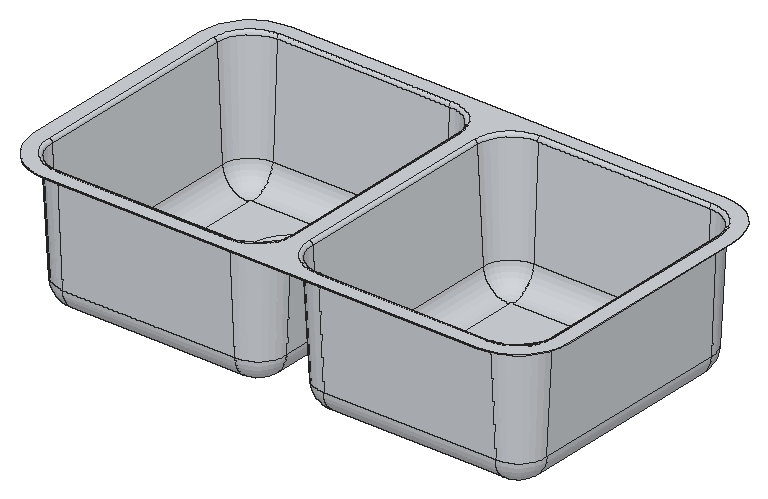
Revit family "Sink_Kitchen_Abey_Builders_DoubleBowl_R50_FaceBased", category Plumbing Fixtures, host Face, Revit 2022
Family settings
  Host = Face
  Round Connector Dimension = Use Diameter
  Part Type = Normal
  OmniClass Number = 23.31.13.00
  OmniClass Title = Sinks
  Cut with Voids When Loaded = Yes
  Maintain Annotation Orientation = No
  Shared = No
  Room Calculation Point = No
Parameters (values of type "RFA200")
  Waste Connection = yes
  VoidHeightCalc [instance] = if(AboveMount, -40 mm, ManufacturerOverallHeight)  # -40 mm
  Vent Connection = no
  Uniclass2015Version = "Products v1.38"
  Uniclass2015Title = "Kitchen sinks"
  Uniclass2015Code = "Pr_40_20_96_45"
  UnderMount [instance] = no
  URL = "https://www.abey.com.au/"
  Type Comments = "Sink - Kitchen - Double Bowl - R50 - Double Bowl Stainless Steel"
  PopOutMaterial = Metal_Abey_StainlessSteel
  ModifiedIssue = 20251103
  Model = "RFA200"
  BodyMaterial = Metal_Abey_StainlessSteel
  ManufacturerURLProductSpecific = "https://www.abeyspecifier.com.au/product/r50-double-bowl-sink/"
  ManufacturerSpecCode = Model  # "RFA200"
  ManufacturerOverallWidth = 794 mm  # constant formula
  ManufacturerOverallHeight = 200 mm  # constant formula
  ManufacturerOverallDepth = 457 mm  # constant formula
  Manufacturer = "Abey"
  Keynote = ""
  IfcExportType = "SINK"
  IfcExportAs = "IfcSanitaryTerminal"
  HW Connection = no
  FlushMount [instance] = no
  Description = "Abey R50 Double Bowl Sink"
  Default Elevation = 900 mm
  CreatedByURL = "https://igsgroup.com.au"
  CreatedBy = "IGS BIM Solutions"  # constant formula
  Cost = 0
  CW Connection = no
  BasinElevationCalc [instance] = if(UnderMount, 41 mm, if(FlushMount, 1 mm, 0 mm))  # 0 mm
  Assembly Code = "D2010410"
  AboveMount [instance] = yes
Reference planes
  plane 1 "DrainCenter (Front/Back)": y = -43
  plane 2 "WallFace": z = 0
  plane 3 "Center (Left/Right)": x = 18.07
  plane 4 "Front": y = -346.5
  plane 5 "Back": y = 110.5
  plane 6 "Left": x = -378.93
  plane 7 "Right": x = 415.07
  plane 8 "Top": z = 1
  plane 9 "Bottom": z = -199
  plane 10 "LipBottom": z = 0
Forms (mm)
  Extrusion 1, void
    sketch origin (-129.63, -1678.5, 0) x (0, -1, 0) y (1, 0, 0)
      loop
        arc (-1714, 529.7) -> (-1756.426, 512.126) -> (-1774, 469.7) r 60
        line (-1774, 469.7) -> (-1774, -174.3)
        arc (-1774, -174.3) -> (-1756.426, -216.726) -> (-1714, -234.3) r 60
        line (-1714, -234.3) -> (-1407, -234.3)
        arc (-1407, -234.3) -> (-1364.574, -216.726) -> (-1347, -174.3) r 60
        line (-1347, -174.3) -> (-1347, 469.7)
        arc (-1347, 469.7) -> (-1364.574, 512.126) -> (-1407, 529.7) r 60
        line (-1407, 529.7) -> (-1714, 529.7)
    from 0 to -199
  Extrusion 2, void
    sketch origin (-129.63, -1678.5, 1) x (0, -1, 0) y (-1, 0, 0)
      loop
        arc (-1714, 249.3) -> (-1767.033, 227.333) -> (-1789, 174.3) r 75
        line (-1789, 174.3) -> (-1789, -469.7)
        arc (-1789, -469.7) -> (-1767.033, -522.733) -> (-1714, -544.7) r 75
        line (-1714, -544.7) -> (-1407, -544.7)
        arc (-1407, -544.7) -> (-1353.967, -522.733) -> (-1332, -469.7) r 75
        line (-1332, -469.7) -> (-1332, 174.3)
        arc (-1332, 174.3) -> (-1353.967, 227.333) -> (-1407, 249.3) r 75
        line (-1407, 249.3) -> (-1714, 249.3)
    from 0 to -40 <- "VoidHeightCalc"
  Extrusion 3, void
    sketch origin (-129.63, -1678.5, 1) x (0, -1, 0) y (1, 0, 0)
      loop
        line (-1769, 469.7) -> (-1769, -174.3)
        arc (-1769, -174.3) -> (-1752.891, -213.191) -> (-1714, -229.3) r 55
        line (-1714, -229.3) -> (-1407, -229.3)
        arc (-1407, -229.3) -> (-1368.109, -213.191) -> (-1352, -174.3) r 55
        line (-1352, -174.3) -> (-1352, 469.7)
        arc (-1352, 469.7) -> (-1368.109, 508.591) -> (-1407, 524.7) r 55
        line (-1407, 524.7) -> (-1714, 524.7)
        arc (-1714, 524.7) -> (-1752.891, 508.591) -> (-1769, 469.7) r 55
    from 0 to 40
Text (mm)
  text "Disclaimer:\nDue to ongoing product development and manufacturing evolution, product details are subject to change without notice. Please refer to product technical data sheets on the manufacturers website for the most current product information. Please allow a +/- 5mm manufacturing tolerance for dimensions and set-outs shown in product literature." at (479.514, 74.225, 0), in view "Ref. Level"
Dimensions and locks
  "ManufacturerOverallWidth": plane 6 "Left" to plane 7 "Right"
  "ManufacturerOverallDepth": plane 4 "Front" to plane 5 "Back"
  equal spacing: plane 6 "Left", plane 3 "Center (Left/Right)", plane 7 "Right"
  locked: plane 1 "DrainCenter (Front/Back)" to plane 5 "Back" at 153.5
  "ManufacturerOverallHeight": plane 8 "Top" to plane 9 "Bottom"
  locked: plane 8 "Top" to plane 10 "LipBottom" at 1
  "BasinElevationCalc": plane 2 "WallFace" to plane 10 "LipBottom"
  aligned and locked: plane 2 "WallFace" to host face
  aligned and locked: plane 3 "Center (Left/Right)" to nested 1
  aligned and locked: nested 1 to plane 9 "Bottom"
Automatic sketch dimensions
  host sketch curve to host sketch curve = 830.301 mm
  host sketch curve to host sketch curve = 527.459 mm
  plane 5 "Back" to Extrusion 3 sketch curve = 20 mm
  Extrusion 3 sketch curve to plane 6 "Left" = 20 mm
  plane 5 "Back" to Extrusion 3 sketch curve = 75 mm
  Extrusion 3 sketch curve to Extrusion 3 sketch curve = 55 mm
  plane 4 "Front" to Extrusion 3 sketch curve = 75 mm  (x2)
  plane 4 "Front" to Extrusion 3 sketch curve = 20 mm
  Extrusion 3 sketch curve to plane 7 "Right" = 75 mm
  plane 5 "Back" to Extrusion 2 sketch curve = 0 mm
  Extrusion 2 sketch curve to plane 6 "Left" = 0 mm
  Extrusion 2 sketch curve to plane 7 "Right" = 0 mm
  Extrusion 2 sketch curve to plane 4 "Front" = 0 mm
  plane 5 "Back" to Extrusion 2 sketch curve = 75 mm  (x2)
  plane 4 "Front" to Extrusion 2 sketch curve = 75 mm
  Extrusion 2 sketch curve to Extrusion 2 sketch curve = 75 mm
  plane 5 "Back" to Extrusion 1 sketch curve = 15 mm
  Extrusion 1 sketch curve to Extrusion 1 sketch curve = 60 mm  (x2)
  Extrusion 1 sketch curve to plane 7 "Right" = 15 mm
  plane 4 "Front" to Extrusion 1 sketch curve = 75 mm  (x2)
  plane 4 "Front" to Extrusion 1 sketch curve = 15 mm
  Extrusion 1 sketch curve to plane 6 "Left" = 75 mm
Nested families
  nested 1: "z_Sink_Kitchen_Abey_Builders_DoubleBowl_R50" at (-64.63, -154.5, 0), UnderMount <- "UnderMount", FlushMount <- "FlushMount", AboveMount <- "AboveMount", type "Type 1"
    with VoidHeightCalc -40 mm, UnderMount no, FlushMount no, BasinElevationCalc 0 mm, AboveMount yes
Connectors
  piping at (-180.43, -43, -280), diameter 50, driven by "Waste Connection"
    settings: on nested 1, index 2, connector inside diameter 24", connector length 0 mm, flow factor 0, pipe flow 0.00 L/s, pressure drop 0 kPa, fitting loss kfactor 0, connector angle 0.00°, fixture units 0, engagement length 0 mm, angle of deflection 0.00°, flow configuration 2, flow direction 2, fitting loss method 4, system type 16, joint type 0, gender type 0, connector reference index -1, connector utility 1, adjustable connector no, is connector primary yes, connector description "Waste Outlet"
  piping at (216.57, -43, -280), diameter 50, driven by "Waste Connection"
    settings: on nested 1, index 3, connector inside diameter 24", connector length 0 mm, flow factor 0, pipe flow 0.00 L/s, pressure drop 0 kPa, fitting loss kfactor 0, connector angle 0.00°, fixture units 0, engagement length 0 mm, angle of deflection 0.00°, flow configuration 2, flow direction 2, fitting loss method 4, system type 16, joint type 0, gender type 0, connector reference index -1, connector utility 1, adjustable connector no, is connector primary no, connector description "Waste Outlet"
Definition of nested family "z_Sink_Kitchen_Abey_Builders_DoubleBowl_R50"
  Parameters (values of type "Type 1")
    Waste Connection = yes
    VoidHeightCalc [instance] = if(AboveMount, -40 mm, ManufacturerOverallHeight)  # -40 mm
    Vent Connection = no
    UnderMount [instance] = no
    URL = "https://www.abey.com.au/"
    Type Comments = ""
    PopOutMaterial = none
    Model = ""
    Default Elevation = 0 mm
    BasinElevationCalc [instance] = if(UnderMount, 41 mm, if(FlushMount, 1 mm, 0 mm))  # 0 mm
    FlushMount [instance] = no
    BodyMaterial = none
    ManufacturerOverallWidth = 794 mm  # constant formula
    ManufacturerOverallHeight = 200 mm  # constant formula
    ManufacturerOverallDepth = 457 mm  # constant formula
    Manufacturer = "Abey"
    HW Connection = no
    Description = ""
    CreatedByURL = "https://igsgroup.com.au"
    CreatedBy = "IGS BIM Solutions"  # constant formula
    CW Connection = no
    Assembly Code = "D2010410"
    AboveMount [instance] = yes
  Reference planes
    plane 1 "Ref. Level": z = 0
    plane 2 "Left": x = -314.3
    plane 3 "Right": x = 479.7
    plane 4 "Back": y = 265
    plane 5 "Front": y = -192
    plane 6 "Bottom": z = -199
    plane 7 "Top": z = 1
    plane 8 "MountingHeight": z = 0
    plane 9 "SinkCenter (Left/Right)": x = 82.7
    plane 10 "DrainCenter (Front/Back)": y = 111.5
  Forms (mm)
    Extrusion 1, solid, material <- "BodyMaterial"
      sketch origin (-65, -1524, 1) x (0, -1, 0) y (-1, 0, 0)
        loop
          line (-1789, 174.3) -> (-1789, -469.7)
          arc (-1789, -469.7) -> (-1767.033, -522.733) -> (-1714, -544.7) r 75
          line (-1714, -544.7) -> (-1407, -544.7)
          arc (-1407, -544.7) -> (-1353.967, -522.733) -> (-1332, -469.7) r 75
          line (-1332, -469.7) -> (-1332, 174.3)
          arc (-1332, 174.3) -> (-1353.967, 227.333) -> (-1407, 249.3) r 75
          line (-1407, 249.3) -> (-1714, 249.3)
          arc (-1714, 249.3) -> (-1767.033, 227.333) -> (-1789, 174.3) r 75
        loop
          arc (-1346.52, 173.545) -> (-1364.455, 216.845) -> (-1407.755, 234.78) r 61.235
          line (-1407.755, 234.78) -> (-1713.245, 234.78)
          arc (-1713.245, 234.78) -> (-1756.545, 216.845) -> (-1774.48, 173.545) r 61.235
          line (-1774.48, 173.545) -> (-1774.48, -81.945)
          arc (-1774.48, -81.945) -> (-1756.545, -125.245) -> (-1713.245, -143.18) r 61.235
          line (-1713.245, -143.18) -> (-1407.755, -143.18)
          arc (-1407.755, -143.18) -> (-1364.455, -125.245) -> (-1346.52, -81.945) r 61.235
          line (-1346.52, -81.945) -> (-1346.52, 173.545)
        loop
          arc (-1771.245, -468.945) -> (-1754.257, -509.957) -> (-1713.245, -526.945) r 58
          line (-1713.245, -526.945) -> (-1407.755, -526.945)
          arc (-1407.755, -526.945) -> (-1366.743, -509.957) -> (-1349.755, -468.945) r 58
          line (-1349.755, -468.945) -> (-1349.755, -213.455)
          arc (-1349.755, -213.455) -> (-1366.743, -172.443) -> (-1407.755, -155.455) r 58
          line (-1407.755, -155.455) -> (-1713.245, -155.455)
          arc (-1713.245, -155.455) -> (-1754.257, -172.443) -> (-1771.245, -213.455) r 58
          line (-1771.245, -213.455) -> (-1771.245, -468.945)
      from 0 to 1
    Sweep 2, solid, material <- "BodyMaterial"
      path origin (0, 0, -199) x (0, -1, 0) y (1, 0, 0)
        loop
          arc (116.245, -293.545) -> (155.136, -277.436) -> (171.245, -238.545) r 55
          line (171.245, -238.545) -> (171.245, 16.945)
          arc (171.245, 16.945) -> (155.136, 55.836) -> (116.245, 71.945) r 55
          line (116.245, 71.945) -> (-189.245, 71.945)
          arc (-189.245, 71.945) -> (-228.136, 55.836) -> (-244.245, 16.945) r 55
          line (-244.245, 16.945) -> (-244.245, -238.545)
          arc (-244.245, -238.545) -> (-228.136, -277.436) -> (-189.245, -293.545) r 55
          line (-189.245, -293.545) -> (116.245, -293.545)
      profile origin (-293.545, 36.5, -199) x (-1, 0, 0) y (0, 0, 1)
        loop
          line (-4.993, 195.262) -> (-13.339, 36.011)
          arc (-13.339, 36.011) -> (-25.13, 10.436) -> (-51.287, 0) r 38
          line (-51.287, 0) -> (-53, 0) -> (-53, -1) -> (-51.287, -1)
          arc (-51.287, -1) -> (-24.441, 9.71) -> (-12.34, 35.959) r 39
          line (-12.34, 35.959) -> (-3.995, 195.209)
          arc (-3.995, 195.209) -> (-2.753, 197.901) -> (0, 199) r 4
          line (0, 199) -> (6.235, 199) -> (6.235, 200) -> (0, 200)
          arc (0, 200) -> (-3.442, 198.627) -> (-4.993, 195.262) r 5
    Extrusion 3, solid, material <- "BodyMaterial"
      sketch origin (0, 0, -199) x (0, -1, 0) y (1, 0, 0)
        loop
          arc (-191.245, -238.545) -> (-190.659, -239.959) -> (-189.245, -240.545) r 2
          line (-189.245, -240.545) -> (116.245, -240.545)
          arc (116.245, -240.545) -> (117.659, -239.959) -> (118.245, -238.545) r 2
          line (118.245, -238.545) -> (118.245, 16.945)
          arc (118.245, 16.945) -> (117.659, 18.359) -> (116.245, 18.945) r 2
          line (116.245, 18.945) -> (-189.245, 18.945)
          arc (-189.245, 18.945) -> (-190.659, 18.359) -> (-191.245, 16.945) r 2
          line (-191.245, 16.945) -> (-191.245, -238.545)
        loop
          circle (-111.5, -115.8) r 61.25
      from 0 to -1
    Revolve 4, solid, material <- "BodyMaterial"
      sketch origin (0, 111.5, 0) x (1, 0, 0) y (0, 0, 1)
        loop
          line (-160.8, -208.059) -> (-172.754, -205.518) -> (-177.05, -199) -> (-178.248, -199) -> (-173.364, -206.411) -> (-160.8, -209.082) -> (-160.8, -208.059)
        axis (-115.8, -199) -> (-115.8, -209.082)
      angle from 0 to 360
    Revolve 5, solid, material <- "BodyMaterial"
      sketch origin (336, 111.5, 0) x (1, 0, 0) y (0, 0, 1)
        loop
          line (-99.8, -208.059) -> (-111.754, -205.518) -> (-116.05, -199) -> (-117.248, -199) -> (-112.364, -206.411) -> (-99.8, -209.082) -> (-99.8, -208.059)
        axis (-54.8, -199) -> (-54.8, -209.082)
      angle from 0 to 360
    Sweep 6, solid, material <- "BodyMaterial"
      path origin (165.4, 0, -199) x (0, 1, 0) y (-1, 0, 0)
        loop
          line (-116.245, -293.545) -> (189.245, -293.545)
          arc (189.245, -293.545) -> (228.136, -277.436) -> (244.245, -238.545) r 55
          line (244.245, -238.545) -> (244.245, 16.945)
          arc (244.245, 16.945) -> (228.136, 55.836) -> (189.245, 71.945) r 55
          line (189.245, 71.945) -> (-116.245, 71.945)
          arc (-116.245, 71.945) -> (-155.136, 55.836) -> (-171.245, 16.945) r 55
          line (-171.245, 16.945) -> (-171.245, -238.545)
          arc (-171.245, -238.545) -> (-155.136, -277.436) -> (-116.245, -293.545) r 55
      profile origin (458.945, 36.5, -199) x (-1, 0, 0) y (0, 0, 1)
        loop
          arc (4.993, 195.262) -> (3.442, 198.627) -> (0, 200) r 5
          line (0, 200) -> (-6.235, 200) -> (-6.235, 199) -> (0, 199)
          arc (0, 199) -> (2.753, 197.901) -> (3.995, 195.209) r 4
          line (3.995, 195.209) -> (12.34, 35.959)
          arc (12.34, 35.959) -> (24.441, 9.71) -> (51.287, -1) r 39
          line (51.287, -1) -> (53, -1) -> (53, 0) -> (51.287, 0)
          arc (51.287, 0) -> (25.13, 10.436) -> (13.339, 36.011) r 38
          line (13.339, 36.011) -> (4.993, 195.262)
    Extrusion 7, solid, material <- "BodyMaterial"
      sketch origin (165.4, 0, -199) x (0, 1, 0) y (-1, 0, 0)
        loop
          line (191.245, -238.545) -> (191.245, 16.945)
          arc (191.245, 16.945) -> (190.659, 18.359) -> (189.245, 18.945) r 2
          line (189.245, 18.945) -> (-116.245, 18.945)
          arc (-116.245, 18.945) -> (-117.659, 18.359) -> (-118.245, 16.945) r 2
          line (-118.245, 16.945) -> (-118.245, -238.545)
          arc (-118.245, -238.545) -> (-117.659, -239.959) -> (-116.245, -240.545) r 2
          line (-116.245, -240.545) -> (189.245, -240.545)
          arc (189.245, -240.545) -> (190.659, -239.959) -> (191.245, -238.545) r 2
        loop
          circle (111.5, -115.8) r 61.25
      from 0 to -1
  Cuts and joins
    joined: Extrusion 1, Sweep 2, Extrusion 3, Revolve 4, Revolve 5, Sweep 6, Extrusion 7
  Lines and regions (mm)
    Masking region 1, visible <- "AboveMount"
      outline origin (0, 0, 1) x (0, -1, 0) y (1, 0, 0)
        loop
          arc (-265, -239.3) -> (-243.033, -292.333) -> (-190, -314.3) r 75
          line (-190, -314.3) -> (117, -314.3)
          arc (117, -314.3) -> (170.033, -292.333) -> (192, -239.3) r 75
          line (192, -239.3) -> (192, 404.7)
          arc (192, 404.7) -> (170.033, 457.733) -> (117, 479.7) r 75
          line (117, 479.7) -> (-190, 479.7)
          arc (-190, 479.7) -> (-243.033, 457.733) -> (-265, 404.7) r 75
          line (-265, 404.7) -> (-265, -239.3)
    Masking region 2, visible <- "UnderMount"
      outline origin (0, 0, 1) x (0, -1, 0) y (1, 0, 0)
        loop
          arc (-245, -239.3) -> (-228.891, -278.191) -> (-190, -294.3) r 55
          line (-190, -294.3) -> (117, -294.3)
          arc (117, -294.3) -> (155.891, -278.191) -> (172, -239.3) r 55
          line (172, -239.3) -> (172, 404.7)
          arc (172, 404.7) -> (155.891, 443.591) -> (117, 459.7) r 55
          line (117, 459.7) -> (-190, 459.7)
          arc (-190, 459.7) -> (-228.891, 443.591) -> (-245, 404.7) r 55
          line (-245, 404.7) -> (-245, -239.3)
    Masking region 3, visible <- "FlushMount"
      outline origin (0, 0, 1) x (0, -1, 0) y (1, 0, 0)
        loop
          arc (-265, -239.3) -> (-243.033, -292.333) -> (-190, -314.3) r 75
          line (-190, -314.3) -> (117, -314.3)
          arc (117, -314.3) -> (170.033, -292.333) -> (192, -239.3) r 75
          line (192, -239.3) -> (192, 404.7)
          arc (192, 404.7) -> (170.033, 457.733) -> (117, 479.7) r 75
          line (117, 479.7) -> (-190, 479.7)
          arc (-190, 479.7) -> (-243.033, 457.733) -> (-265, 404.7) r 75
          line (-265, 404.7) -> (-265, -239.3)
    symbolic lines, detail levels medium+fine
      curve 1: arc (-238.8, 229.5, 1) -> (-267.084, 217.784, 1) -> (-278.8, 189.5, 1) r 40
      curve 2: line (-278.8, 189.5, 1) -> (-278.8, -116.5, 1)
      curve 3: arc (-278.8, -116.5, 1) -> (-267.084, -144.784, 1) -> (-238.8, -156.5, 1) r 40
      curve 4: line (-238.8, -156.5, 1) -> (17.2, -156.5, 1)
      curve 5: arc (17.2, -156.5, 1) -> (45.484, -144.784, 1) -> (57.2, -116.5, 1) r 40
      curve 6: line (57.2, -116.5, 1) -> (57.2, 189.5, 1)
      curve 7: arc (57.2, 189.5, 1) -> (45.484, 217.784, 1) -> (17.2, 229.5, 1) r 40
      curve 8: line (17.2, 229.5, 1) -> (-238.8, 229.5, 1)
      curve 9: line (404.2, 229.5, 1) -> (148.2, 229.5, 1)
      curve 10: line (108.2, 189.5, 1) -> (108.2, -116.5, 1)
      curve 11: line (404.2, -156.5, 1) -> (148.2, -156.5, 1)
      curve 12: line (444.2, 189.5, 1) -> (444.2, -116.5, 1)
      curve 13: arc (108.2, -116.5, 1) -> (119.916, -144.784, 1) -> (148.2, -156.5, 1) r 40
      curve 14: arc (404.2, -156.5, 1) -> (432.484, -144.784, 1) -> (444.2, -116.5, 1) r 40
      curve 15: arc (444.2, 189.5, 1) -> (432.484, 217.784, 1) -> (404.2, 229.5, 1) r 40
      curve 16: arc (108.2, 189.5, 1) -> (119.916, 217.784, 1) -> (148.2, 229.5, 1) r 40
      curve 17: line (-288.8, -116.5, 1) -> (-288.8, 189.5, 1)
      curve 18: line (17.2, -166.5, 1) -> (-238.8, -166.5, 1)
      curve 19: line (67.2, 189.5, 1) -> (67.2, -116.5, 1)
      curve 20: arc (-238.8, -166.5, 1) -> (-274.155, -151.855, 1) -> (-288.8, -116.5, 1) r 50
      curve 21: arc (17.2, -166.5, 1) -> (52.555, -151.855, 1) -> (67.2, -116.5, 1) r 50
      curve 22: arc (67.2, 189.5, 1) -> (52.555, 224.855, 1) -> (17.2, 239.5, 1) r 50
      curve 23: arc (-288.8, 189.5, 1) -> (-274.155, 224.855, 1) -> (-238.8, 239.5, 1) r 50
      curve 24: line (-238.8, 239.5, 1) -> (17.2, 239.5, 1)
      curve 25: line (454.2, -116.5, 1) -> (454.2, 189.5, 1)
      curve 26: line (148.2, -166.5, 1) -> (404.2, -166.5, 1)
      curve 27: line (98.2, 189.5, 1) -> (98.2, -116.5, 1)
      curve 28: arc (404.2, -166.5, 1) -> (439.555, -151.855, 1) -> (454.2, -116.5, 1) r 50
      curve 29: arc (148.2, -166.5, 1) -> (112.845, -151.855, 1) -> (98.2, -116.5, 1) r 50
      curve 30: arc (98.2, 189.5, 1) -> (112.845, 224.855, 1) -> (148.2, 239.5, 1) r 50
      curve 31: arc (454.2, 189.5, 1) -> (439.555, 224.855, 1) -> (404.2, 239.5, 1) r 50
      curve 32: line (404.2, 239.5, 1) -> (148.2, 239.5, 1)
      curve 33: circle (281.2, 111.5, 1) r 45 normal (0, 0, -1)
      curve 34: circle (-115.8, 111.5, 1) r 45 normal (0, 0, -1)
    symbolic lines
      curve 35: arc (-281.204, -192, -163.041) -> (-269.104, -192, -189.29) -> (-242.258, -192, -200) r 39
      curve 36: arc (59.604, -192, -163.041) -> (47.504, -192, -189.29) -> (20.658, -192, -200) r 39
      curve 37: arc (446.604, -192, -163.041) -> (434.504, -192, -189.29) -> (407.658, -192, -200) r 39
      curve 38: arc (105.796, -192, -163.041) -> (117.896, -192, -189.29) -> (144.742, -192, -200) r 39
  Dimensions and locks
    "ManufacturerOverallWidth": plane 2 "Left" to plane 3 "Right"
    "ManufacturerOverallDepth": plane 4 "Back" to plane 5 "Front"
    "ManufacturerOverallHeight": plane 7 "Top" to plane 6 "Bottom"
    locked: plane 7 "Top" to plane 8 "MountingHeight" at 1
    equal spacing: plane 2 "Left", plane 9 "SinkCenter (Left/Right)", plane 3 "Right"
    "BasinElevationCalc": plane 1 "Ref. Level" to plane 8 "MountingHeight"
    locked: plane 10 "DrainCenter (Front/Back)" to plane 4 "Back" at 153.5
    aligned and locked: level to plane 1 "Ref. Level"
    aligned and locked: plane 10 "DrainCenter (Front/Back)" to nested 1
    aligned and locked: nested 1 to plane 6 "Bottom"
    aligned and locked: nested 2 to plane 6 "Bottom"
  Automatic sketch dimensions
    plane 4 "Back" to Extrusion 1 sketch curve = 0 mm
    Extrusion 1 sketch curve to plane 3 "Right" = 0 mm
    Extrusion 1 sketch curve to plane 2 "Left" = 0 mm
    Extrusion 1 sketch curve to plane 5 "Front" = 0 mm
    plane 4 "Back" to Extrusion 1 sketch curve = 14.52 mm
    plane 4 "Back" to Extrusion 1 sketch curve = 17.755 mm
    Extrusion 1 sketch curve to Extrusion 1 sketch curve = 57.245 mm
    Extrusion 1 sketch curve to Extrusion 1 sketch curve = 60.48 mm
    Extrusion 1 sketch curve to Extrusion 1 sketch curve = 58 mm
    Extrusion 1 sketch curve to Extrusion 1 sketch curve = 0.755 mm  (x4)
    plane 9 "SinkCenter (Left/Right)" to Extrusion 1 sketch curve = 4.52 mm
    Extrusion 1 sketch curve to Extrusion 1 sketch curve = 0 mm  (x2)
    plane 5 "Front" to Extrusion 1 sketch curve = 75.755 mm  (x3)
    plane 2 "Left" to Extrusion 1 sketch curve = 14.52 mm
    plane 3 "Right" to Extrusion 1 sketch curve = 17.755 mm
    plane 5 "Front" to Extrusion 1 sketch curve = 17.755 mm
    plane 5 "Front" to Extrusion 1 sketch curve = 14.52 mm
    Extrusion 1 sketch curve to plane 9 "SinkCenter (Left/Right)" = 7.755 mm
    plane 4 "Back" to Masking region 1 sketch curve = 0 mm
    Masking region 1 sketch curve to plane 2 "Left" = 0 mm
    Masking region 1 sketch curve to plane 3 "Right" = 0 mm
    Masking region 1 sketch curve to plane 5 "Front" = 0 mm
    plane 4 "Back" to Masking region 1 sketch curve = 75 mm
    Masking region 1 sketch curve to Masking region 1 sketch curve = 75 mm  (x2)
    plane 2 "Left" to Masking region 1 sketch curve = 75 mm
    plane 4 "Back" to Masking region 2 sketch curve = 20 mm
    plane 3 "Right" to Masking region 2 sketch curve = 20 mm
    plane 4 "Back" to Masking region 2 sketch curve = 75 mm
    Masking region 2 sketch curve to Masking region 2 sketch curve = 55 mm
    plane 5 "Front" to Masking region 2 sketch curve = 75 mm  (x2)
    plane 5 "Front" to Masking region 2 sketch curve = 20 mm
    plane 2 "Left" to Masking region 2 sketch curve = 75 mm
    plane 4 "Back" to Masking region 3 sketch curve = 0 mm
    Masking region 3 sketch curve to plane 2 "Left" = 0 mm
    Masking region 3 sketch curve to plane 3 "Right" = 0 mm
    Masking region 3 sketch curve to plane 5 "Front" = 0 mm
    plane 4 "Back" to Masking region 3 sketch curve = 75 mm
    Masking region 3 sketch curve to Masking region 3 sketch curve = 75 mm  (x2)
    plane 2 "Left" to Masking region 3 sketch curve = 75 mm
    plane 4 "Back" to Sweep 2 sketch curve = 20.755 mm
    plane 9 "SinkCenter (Left/Right)" to Sweep 2 sketch curve = 10.755 mm
    plane 4 "Back" to Sweep 2 sketch curve = 75.755 mm  (x2)
    plane 2 "Left" to Sweep 2 sketch curve = 20.755 mm
    plane 5 "Front" to Sweep 2 sketch curve = 75.755 mm  (x2)
    plane 5 "Front" to Sweep 2 sketch curve = 20.755 mm
    Sweep 2 sketch curve to Sweep 2 sketch curve = 0 mm  (x4)
    Sweep 2 sketch curve to plane 6 "Bottom" = 0 mm
    Sweep 2 sketch curve to profile plane = 0 mm
    profile plane to Sweep 2 sketch curve = 3.995 mm
    Sweep 2 sketch curve to Sweep 2 sketch curve = 0.999 mm  (x2)
    profile plane to Sweep 2 sketch curve = 12.34 mm
    Sweep 2 sketch curve to Sweep 2 sketch curve = 37.948 mm
    Sweep 2 sketch curve to Sweep 2 sketch curve = 1.713 mm
    Sweep 2 sketch curve to Sweep 2 sketch curve = 6.235 mm
    plane 6 "Bottom" to Sweep 2 sketch curve = 1 mm
    Sweep 2 sketch curve to plane 6 "Bottom" = 35.959 mm
    Sweep 2 sketch curve to Sweep 2 sketch curve = 159.041 mm
    Sweep 2 sketch curve to Sweep 2 sketch curve = 0.209 mm
    Sweep 2 sketch curve to Sweep 2 sketch curve = 0.052 mm
    plane 10 "DrainCenter (Front/Back)" to Extrusion 3 sketch curve = 0 mm
    plane 4 "Back" to Extrusion 3 sketch curve = 75.755 mm  (x2)
    Extrusion 3 sketch curve to Extrusion 3 sketch curve = 2 mm  (x2)
    plane 5 "Front" to Extrusion 3 sketch curve = 75.755 mm  (x2)
    plane 2 "Left" to Extrusion 3 sketch curve = 75.755 mm
    plane 9 "SinkCenter (Left/Right)" to Extrusion 3 sketch curve = 65.755 mm
    Revolve 4 sketch curve to plane 6 "Bottom" = 0 mm  (x2)
    plane 6 "Bottom" to Revolve 4 sketch curve = 9.059 mm
    plane 6 "Bottom" to Revolve 4 sketch curve = 6.518 mm
    Revolve 4 sketch curve to Revolve 4 sketch curve = 11.954 mm
    plane 6 "Bottom" to Revolve 4 sketch curve = 7.411 mm
    Revolve 4 sketch curve to Revolve 4 sketch curve = 0.609 mm
    Revolve 4 sketch curve to Revolve 4 sketch curve = 4.296 mm
    Revolve 4 sketch curve to Revolve 4 sketch curve = 1.198 mm
    Revolve 4 sketch curve to Revolve 4 sketch curve = 1.022 mm
    plane 6 "Bottom" to Revolve 4 sketch curve = 6.66 mm
    Revolve 5 sketch curve to plane 6 "Bottom" = 0 mm  (x2)
    plane 6 "Bottom" to Revolve 5 sketch curve = 9.059 mm
    plane 6 "Bottom" to Revolve 5 sketch curve = 6.518 mm
    Revolve 5 sketch curve to Revolve 5 sketch curve = 11.954 mm
    plane 6 "Bottom" to Revolve 5 sketch curve = 7.411 mm
    Revolve 5 sketch curve to Revolve 5 sketch curve = 0.609 mm
    Revolve 5 sketch curve to Revolve 5 sketch curve = 4.296 mm
    Revolve 5 sketch curve to Revolve 5 sketch curve = 1.198 mm
    Revolve 5 sketch curve to Revolve 5 sketch curve = 1.022 mm
    Revolve 5 sketch curve to Revolve 5 sketch curve = 6.66 mm
    plane 5 "Front" to Sweep 6 sketch curve = 20.755 mm
    Sweep 6 sketch curve to plane 9 "SinkCenter (Left/Right)" = 10.755 mm
    plane 5 "Front" to Sweep 6 sketch curve = 75.755 mm
    Sweep 6 sketch curve to Sweep 6 sketch curve = 55 mm
    plane 4 "Back" to Sweep 6 sketch curve = 75.755 mm  (x2)
    plane 3 "Right" to Sweep 6 sketch curve = 20.755 mm
    plane 4 "Back" to Sweep 6 sketch curve = 20.755 mm
    Sweep 6 sketch curve to Sweep 6 sketch curve = 0 mm  (x4)
    Sweep 6 sketch curve to profile plane = 0 mm
    Sweep 6 sketch curve to plane 6 "Bottom" = 0 mm
    profile plane to Sweep 6 sketch curve = 6.235 mm
    Sweep 6 sketch curve to profile plane = 3.995 mm
    Sweep 6 sketch curve to Sweep 6 sketch curve = 0.999 mm  (x2)
    Sweep 6 sketch curve to profile plane = 12.34 mm
    Sweep 6 sketch curve to profile plane = 51.287 mm
    Sweep 6 sketch curve to Sweep 6 sketch curve = 1.713 mm
    plane 6 "Bottom" to Sweep 6 sketch curve = 1 mm
    Sweep 6 sketch curve to plane 6 "Bottom" = 35.959 mm
    Sweep 6 sketch curve to Sweep 6 sketch curve = 159.041 mm
    Sweep 6 sketch curve to Sweep 6 sketch curve = 0.209 mm
    Sweep 6 sketch curve to Sweep 6 sketch curve = 0.052 mm
    plane 10 "DrainCenter (Front/Back)" to Extrusion 7 sketch curve = 0 mm
    plane 5 "Front" to Extrusion 7 sketch curve = 75.755 mm  (x2)
    Extrusion 7 sketch curve to Extrusion 7 sketch curve = 2 mm  (x2)
    plane 4 "Back" to Extrusion 7 sketch curve = 75.755 mm  (x2)
    plane 3 "Right" to Extrusion 7 sketch curve = 75.755 mm
    Extrusion 7 sketch curve to plane 9 "SinkCenter (Left/Right)" = 65.755 mm
    Revolve 5 sketch curve to plane 9 "SinkCenter (Left/Right)" = 136.052 mm
    Revolve 5 sketch curve to Revolve 5 sketch curve = 45 mm
    Extrusion 7 sketch curve to Extrusion 7 sketch curve = 122.745 mm
    curve 1 to curve 23 = 0 mm  (x2)
    curve 3 to curve 20 = 0 mm  (x2)
    curve 5 to curve 21 = 0 mm  (x2)
    curve 7 to curve 22 = 0 mm
    curve 13 to curve 29 = 0 mm  (x2)
    curve 14 to curve 28 = 0 mm  (x2)
    curve 15 to curve 31 = 0 mm  (x2)
    curve 16 to curve 30 = 0 mm
    plane 10 "DrainCenter (Front/Back)" to curve 33 = 0 mm
    plane 10 "DrainCenter (Front/Back)" to curve 34 = 0 mm
    plane 4 "Back" to curve 1 = 75.5 mm
    plane 4 "Back" to curve 16 = 75.5 mm
    plane 4 "Back" to curve 15 = 75.5 mm
    plane 9 "SinkCenter (Left/Right)" to curve 19 = 15.5 mm
    curve 19 to curve 27 = 0 mm
    plane 4 "Back" to curve 8 = 35.5 mm
    plane 4 "Back" to curve 9 = 35.5 mm
    curve 24 to curve 7 = 10 mm
    curve 32 to curve 9 = 10 mm
    plane 5 "Front" to curve 2 = 75.5 mm
    plane 5 "Front" to curve 19 = 75.5 mm
    plane 5 "Front" to curve 14 = 75.5 mm
    plane 5 "Front" to curve 13 = 75.5 mm
    plane 5 "Front" to curve 4 = 35.5 mm
    plane 5 "Front" to curve 11 = 35.5 mm
    plane 2 "Left" to curve 8 = 75.5 mm
    curve 27 to plane 9 "SinkCenter (Left/Right)" = 15.5 mm
    curve 16 to curve 33 = 133 mm
    plane 3 "Right" to curve 26 = 75.5 mm
    curve 1 to curve 34 = 123 mm
    Extrusion 3 sketch curve to Extrusion 3 sketch curve = 122.745 mm
    plane 2 "Left" to Revolve 4 sketch curve = 136.052 mm
    Revolve 4 sketch curve to Revolve 4 sketch curve = 45 mm
    curve 35 to plane 2 "Left" = 72.042 mm
    curve 36 to plane 9 "SinkCenter (Left/Right)" = 62.042 mm
    plane 9 "SinkCenter (Left/Right)" to curve 38 = 62.042 mm
    curve 37 to plane 3 "Right" = 72.042 mm
    plane 6 "Bottom" to curve 38 = 38 mm
    plane 6 "Bottom" to curve 37 = 38 mm
    plane 6 "Bottom" to curve 36 = 38 mm
    plane 6 "Bottom" to curve 35 = 38 mm
    curve 35 to plane 2 "Left" = 33.096 mm
    curve 36 to plane 9 "SinkCenter (Left/Right)" = 23.096 mm
    plane 9 "SinkCenter (Left/Right)" to curve 38 = 23.096 mm
    curve 37 to plane 3 "Right" = 33.096 mm
    plane 6 "Bottom" to curve 36 = 35.959 mm
    plane 6 "Bottom" to curve 37 = 35.959 mm
    plane 6 "Bottom" to curve 35 = 35.959 mm
    plane 6 "Bottom" to curve 38 = 35.959 mm
    radius of Extrusion 3 sketch curve = 61.25 mm
    radius of Extrusion 7 sketch curve = 61.25 mm
    radius of curve 33 = 45 mm
    radius of curve 34 = 45 mm
  Nested families
    nested 1: "z_WasteOutlet_Abey_90mm" at (-213.82, 266.5, -199), type "Type 1"
    nested 2: "z_WasteOutlet_Abey_90mm" at (183.18, 266.5, -199), type "Type 1"
  Definition of nested family "z_WasteOutlet_Abey_90mm"
    Parameters (values of type "Type 1")
      Waste Connection = no
      WFU = 0
      Vent Connection = no
      URL = ""
      Type Comments = ""
      Model = ""
      ManufacturerOverallWidth = 90 mm  # constant formula
      ManufacturerOverallHeight = 81 mm  # constant formula
      ManufacturerOverallDepth = 90 mm  # constant formula
      Manufacturer = "Abey"
      Keynote = ""
      HWFU = 0
      HW Connection = no
      Description = ""
      Default Elevation = 0 mm
      CreatedBy = "IGS BIM Solutions"
      Cost = 0
      CWFU = 0
      CW Connection = no
      Material = none
      Assembly Code = ""
    Reference planes
      plane 1 "Ref. Level": z = 0
      plane 2 "Center (Left/Right)": x = 98.02
      plane 3 "Bottom": z = -81
      plane 4 "Back": y = -110
      plane 5 "Left": x = 53.02
      plane 6 "Front": y = -200
      plane 7 "Right": x = 143.02
      plane 8 "Top": z = 0
      plane 9 "Center (Front/Back)": y = -155
      plane 10 "Center (Elevation)": z = -40.5
    Forms (mm)
      Revolve 1, solid, material <- "Material"
        sketch origin (-684.381, -155, 4000) x (-1, 0, 0) y (0, 0, 1)
          loop
            line (-782.401, -4000) -> (-785.062, -4000)
            arc (-785.062, -4000) -> (-787.286, -4001.452) -> (-786.852, -4004.073) r 2.429
            arc (-786.852, -4004.073) -> (-785.915, -4009.961) -> (-790.971, -4013.122) r 5.399
            arc (-790.971, -4013.122) -> (-803.748, -4012.353) -> (-816.445, -4010.727) r 190.039
            arc (-816.445, -4010.727) -> (-818.249, -4009.71) -> (-818.964, -4007.766) r 3
            line (-818.964, -4007.766) -> (-818.964, -4000) -> (-827.401, -4000) -> (-827.401, -4027) -> (-817.401, -4027) -> (-807.401, -4057) -> (-807.401, -4081) -> (-806.401, -4081) -> (-806.401, -4056.838) -> (-816.681, -4026) -> (-826.401, -4026) -> (-826.401, -4001) -> (-819.964, -4001) -> (-819.964, -4007.766)
            arc (-819.964, -4007.766) -> (-819.011, -4010.358) -> (-816.605, -4011.714) r 4
            arc (-816.605, -4011.714) -> (-803.842, -4013.349) -> (-790.997, -4014.121) r 191.039
            arc (-790.997, -4014.121) -> (-785.005, -4010.376) -> (-786.115, -4003.396) r 6.399
            arc (-786.115, -4003.396) -> (-786.371, -4001.854) -> (-785.062, -4001) r 1.429
            line (-785.062, -4001) -> (-782.401, -4001) -> (-782.401, -4000)
          axis (-782.401, -4081) -> (-782.401, -4000)
        angle from 0 to 360
    Lines and regions (mm)
      Masking region 1
        outline origin (0, 0, 0) x (-1, 0, 0) y (0, -1, 0)
          loop
            circle (-98.02, 155) r 45
      symbolic lines, detail levels fine
        curve 1: circle (98.02, -155, 0) r 36.508 normal (0, 0, 1)
        curve 2: circle (98.02, -155, 0) r 5 normal (0, 0, 1)
    Dimensions and locks
      "ManufacturerOverallDepth": plane 6 "Front" to plane 4 "Back"
      equal spacing: plane 6 "Front", plane 9 "Center (Front/Back)", plane 4 "Back"
      equal spacing: plane 5 "Left", plane 2 "Center (Left/Right)", plane 7 "Right"
      "ManufacturerOverallWidth": plane 5 "Left" to plane 7 "Right"
      "ManufacturerOverallHeight": plane 8 "Top" to plane 3 "Bottom"
      equal spacing: plane 8 "Top", plane 10 "Center (Elevation)", plane 3 "Bottom"
    Automatic sketch dimensions
      Masking region 1 sketch curve to plane 2 "Center (Left/Right)" = 0 mm
      plane 9 "Center (Front/Back)" to Masking region 1 sketch curve = 0 mm
      curve 1 to curve 2 = 0 mm  (x2)
      curve 2 to plane 2 "Center (Left/Right)" = 0 mm
      plane 9 "Center (Front/Back)" to curve 2 = 0 mm
      Revolve 1 sketch curve to Revolve 1 sketch curve = 0 mm  (x13)
      Revolve 1 sketch curve to plane 3 "Bottom" = 0 mm
      Revolve 1 sketch curve to level = 0 mm  (x3)
      Revolve 1 sketch curve to plane 2 "Center (Left/Right)" = 0 mm  (x2)
      plane 7 "Right" to Revolve 1 sketch curve = 1 mm
      plane 7 "Right" to Revolve 1 sketch curve = 7.437 mm
      Revolve 1 sketch curve to Revolve 1 sketch curve = 10 mm
      Revolve 1 sketch curve to Revolve 1 sketch curve = 3 mm
      Revolve 1 sketch curve to Revolve 1 sketch curve = 1 mm  (x3)
      Revolve 1 sketch curve to plane 2 "Center (Left/Right)" = 8.428 mm
      Revolve 1 sketch curve to plane 2 "Center (Left/Right)" = 3.562 mm
      level to Revolve 1 sketch curve = 1 mm  (x2)
      Revolve 1 sketch curve to Revolve 1 sketch curve = 2.661 mm
      Revolve 1 sketch curve to Revolve 1 sketch curve = 0.162 mm
      Revolve 1 sketch curve to Revolve 1 sketch curve = 7.766 mm
      level to Revolve 1 sketch curve = 7.724 mm
      Revolve 1 sketch curve to Revolve 1 sketch curve = 1.429 mm
      Revolve 1 sketch curve to level = 176.852 mm
      Revolve 1 sketch curve to Revolve 1 sketch curve = 5 mm
      Revolve 1 sketch curve to plane 7 "Right" = 0 mm
      plane 10 "Center (Elevation)" to Revolve 1 sketch curve = 16.5 mm
      Revolve 1 sketch curve to Revolve 1 sketch curve = 0.721 mm
      plane 7 "Right" to Revolve 1 sketch curve = 20 mm
      Revolve 1 sketch curve to plane 10 "Center (Elevation)" = 13.5 mm
      radius of Masking region 1 sketch curve = 45 mm
      radius of curve 1 = 36.508 mm
      radius of curve 2 = 5 mm
